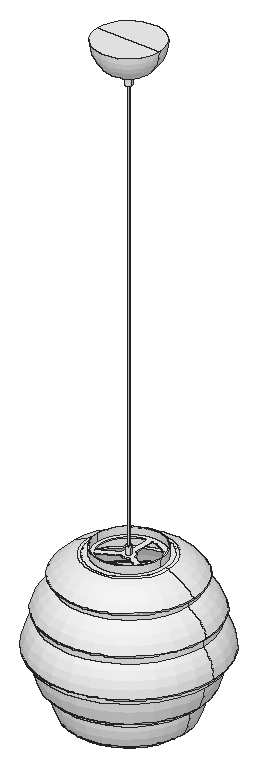
Revit family "Artek_Lighting_Pendant Light A331 “Beehive“_A331 Beehive_quick_ship", category Lighting Fixtures, Revit 2018 (continued)
Definition of nested family "A331"
  Automatic sketch dimensions
    plane 1 "Center (Front/Back)" to curve 195 = 6 mm
    curve 191 to curve 154 = 35.072 mm
    plane 1 "Center (Front/Back)" to curve 168 = 59.711 mm
    curve 156 to curve 157 = 59.45 mm
    plane 1 "Center (Front/Back)" to curve 186 = 60.513 mm
    plane 4 to curve 165 = 1.9 mm
    curve 165 to curve 163 = 58.4 mm
    curve 166 to curve 165 = 9.163 mm
    curve 181 to curve 186 = 16.367 mm
    curve 174 to curve 168 = 19.326 mm
    curve 194 to curve 191 = 60.054 mm
    curve 180 to curve 181 = 26.451 mm
    curve 192 to curve 192 = 17.361 mm
    curve 201 to curve 167 = 43.337 mm
    curve 170 to curve 172 = 1.011 mm
    plane 4 to curve 173 = 66.186 mm
    curve 173 to curve 171 = 0.524 mm
    curve 207 to curve 191 = 7.901 mm
    curve 170 to curve 170 = 8.966 mm
    curve 169 to curve 169 = 0.07 mm
    curve 188 to curve 190 = 5.151 mm
    curve 188 to curve 188 = 9.77 mm
    curve 187 to curve 187 = 0.113 mm
    curve 178 to curve 180 = 40.352 mm
    curve 179 to curve 178 = 0.723 mm  (x2)
    curve 202 to curve 178 = 0.807 mm
    curve 205 to curve 187 = 13.706 mm
    curve 176 to curve 176 = 4.712 mm
    curve 175 to curve 175 = 0.282 mm
    curve 183 to curve 205 = 5.875 mm
    curve 183 to curve 183 = 8.351 mm
    curve 182 to curve 183 = 0.082 mm
    curve 103 to curve 104 = 0.55 mm
    curve 108 to plane 1 "Center (Front/Back)" = 2 mm
    curve 107 to curve 109 = 1.6 mm
    curve 108 to curve 145 = 0.5 mm
    curve 142 to curve 105 = 6 mm
    curve 138 to plane 1 "Center (Front/Back)" = 35.072 mm
    curve 115 to plane 1 "Center (Front/Back)" = 59.711 mm
    curve 152 to curve 133 = 60.513 mm
    curve 110 to curve 111 = 58.4 mm
    curve 112 to curve 114 = 9.163 mm
    curve 133 to curve 128 = 16.367 mm
    curve 115 to curve 121 = 19.326 mm
    curve 138 to curve 141 = 60.054 mm
    curve 128 to curve 127 = 26.451 mm
    curve 139 to curve 139 = 17.361 mm
    curve 114 to curve 119 = 43.337 mm
    curve 119 to curve 147 = 1.011 mm
    plane 4 to curve 120 = 66.186 mm
    curve 118 to curve 120 = 0.524 mm
    curve 117 to curve 117 = 8.966 mm
    curve 116 to curve 116 = 0.07 mm
    curve 137 to curve 136 = 5.151 mm
    curve 135 to curve 135 = 9.77 mm
    curve 134 to curve 134 = 0.113 mm
    curve 127 to curve 150 = 40.352 mm
    curve 125 to curve 126 = 0.723 mm
    curve 127 to curve 125 = 0.085 mm
    curve 134 to curve 152 = 13.706 mm
    curve 123 to curve 123 = 4.712 mm
    curve 122 to curve 122 = 0.282 mm
    curve 132 to curve 130 = 5.875 mm
    curve 130 to curve 130 = 8.351 mm
    curve 129 to curve 129 = 0.082 mm
    level to curve 140 = 14.043 mm
    curve 154 to curve 153 = 14.03 mm
    curve 134 to curve 134 = 3.355 mm
    curve 187 to curve 187 = 3.355 mm
    curve 134 to curve 152 = 40.716 mm
    curve 133 to curve 128 = 10.388 mm
    curve 186 to curve 181 = 10.388 mm
    curve 184 to curve 204 = 13.964 mm
    curve 129 to curve 129 = 1.46 mm
    curve 183 to curve 182 = 1.46 mm
    curve 181 to curve 180 = 14.315 mm
    curve 128 to curve 127 = 14.315 mm
    curve 180 to curve 174 = 35.963 mm
    curve 127 to curve 121 = 35.963 mm
    curve 183 to curve 179 = 51.814 mm
    curve 130 to curve 126 = 51.814 mm
    curve 150 to curve 149 = 14.092 mm
    curve 175 to curve 175 = 1.371 mm
    curve 122 to curve 122 = 1.371 mm
    curve 121 to curve 115 = 39.253 mm
    curve 174 to curve 168 = 39.253 mm
    curve 121 to curve 118 = 0.886 mm
    curve 118 to curve 117 = 14.166 mm
    curve 116 to curve 116 = 0.869 mm
    curve 169 to curve 169 = 0.869 mm
    curve 114 to curve 111 = 41.033 mm
    curve 167 to curve 164 = 41.033 mm
    curve 146 to curve 111 = 13.083 mm
    curve 199 to curve 164 = 13.083 mm
    plane 4 to curve 162 = 0.617 mm
    plane 4 to curve 109 = 0.617 mm
    curve 195 to plane 5 = 18 mm
    plane 1 "Center (Front/Back)" to curve 199 = 0.073 mm
    plane 1 "Center (Front/Back)" to curve 790 = 2.006 mm
    plane 1 "Center (Front/Back)" to curve 582 = 2.006 mm
    plane 1 "Center (Front/Back)" to curve 647 = 2.006 mm
    plane 1 "Center (Front/Back)" to curve 882 = 2.006 mm
    level to curve 844 = 1.084 mm
    plane 1 "Center (Front/Back)" to curve 844 = 2.006 mm
    plane 1 "Center (Front/Back)" to curve 721 = 2.006 mm
    curve 648 to curve 647 = 4.011 mm
    curve 583 to curve 582 = 4.011 mm
    curve 722 to curve 721 = 4.011 mm
    curve 883 to curve 882 = 4.011 mm
    curve 845 to curve 844 = 4.011 mm
    curve 791 to curve 790 = 4.011 mm
    curve 884 to curve 883 = 4.011 mm
    curve 584 to curve 583 = 4.011 mm
    curve 649 to curve 648 = 4.011 mm
    level to curve 846 = 1.084 mm
    curve 846 to curve 845 = 4.011 mm
    curve 792 to curve 791 = 4.011 mm
    curve 723 to curve 722 = 4.011 mm
    curve 724 to curve 723 = 4.011 mm
    curve 847 to curve 846 = 4.011 mm
    curve 650 to curve 649 = 4.011 mm
    curve 885 to curve 884 = 4.011 mm
    curve 793 to curve 792 = 4.011 mm
    curve 585 to curve 584 = 4.011 mm
    curve 886 to curve 885 = 4.011 mm
    curve 586 to curve 585 = 4.011 mm
    curve 725 to curve 724 = 4.011 mm
    level to curve 848 = 1.084 mm
    curve 848 to curve 847 = 4.011 mm
    curve 651 to curve 650 = 4.011 mm
    curve 794 to curve 793 = 4.011 mm
    curve 652 to curve 651 = 4.011 mm
    curve 587 to curve 586 = 4.011 mm
    level to curve 849 = 1.084 mm
    curve 849 to curve 848 = 4.011 mm
    curve 726 to curve 725 = 4.011 mm
    curve 795 to curve 794 = 4.011 mm
    curve 887 to curve 886 = 4.011 mm
    curve 888 to curve 887 = 4.011 mm
    curve 727 to curve 726 = 4.011 mm
    curve 588 to curve 587 = 4.011 mm
    curve 850 to curve 849 = 4.011 mm
    curve 796 to curve 795 = 4.011 mm
    curve 653 to curve 652 = 4.011 mm
    curve 654 to curve 653 = 4.011 mm
    curve 889 to curve 888 = 4.011 mm
    level to curve 851 = 1.084 mm
    curve 851 to curve 850 = 4.011 mm
    curve 728 to curve 727 = 4.011 mm
    curve 589 to curve 588 = 4.011 mm
    curve 797 to curve 796 = 4.011 mm
    curve 798 to curve 797 = 4.011 mm
    curve 590 to curve 589 = 4.011 mm
    curve 729 to curve 728 = 4.011 mm
    curve 852 to curve 851 = 4.011 mm
    curve 890 to curve 889 = 4.011 mm
    curve 655 to curve 654 = 4.011 mm
    curve 730 to curve 729 = 4.011 mm
    curve 656 to curve 655 = 4.011 mm
    curve 853 to curve 852 = 4.011 mm
    curve 591 to curve 590 = 4.011 mm
    curve 799 to curve 191 = 3.037 mm
    curve 891 to curve 890 = 4.011 mm
    curve 592 to curve 591 = 4.011 mm
    curve 854 to curve 853 = 4.011 mm
    curve 731 to curve 730 = 4.011 mm
    curve 892 to curve 891 = 4.011 mm
    curve 800 to curve 799 = 4.011 mm
    curve 657 to curve 656 = 4.011 mm
    curve 658 to curve 657 = 4.011 mm
    curve 855 to curve 854 = 4.011 mm
    curve 732 to curve 731 = 4.011 mm
    curve 593 to curve 592 = 4.011 mm
    curve 801 to curve 800 = 4.011 mm
    curve 893 to curve 892 = 4.011 mm
    curve 659 to curve 658 = 4.011 mm
    curve 802 to curve 801 = 4.011 mm
    curve 733 to curve 732 = 4.011 mm
    curve 594 to curve 593 = 4.011 mm
    curve 894 to curve 893 = 4.011 mm
    level to curve 856 = 1.084 mm
    curve 856 to curve 855 = 4.011 mm
    curve 595 to curve 594 = 4.011 mm
    curve 803 to curve 802 = 4.011 mm
    curve 734 to curve 733 = 4.011 mm
    curve 660 to curve 659 = 4.011 mm
    level to curve 857 = 1.084 mm
    curve 857 to curve 856 = 4.011 mm
    curve 895 to curve 894 = 4.011 mm
    curve 596 to curve 595 = 4.011 mm
    level to curve 858 = 1.084 mm
    curve 858 to curve 857 = 4.011 mm
    curve 661 to curve 660 = 4.011 mm
    curve 804 to curve 803 = 4.011 mm
    curve 735 to curve 734 = 4.011 mm
    curve 896 to curve 895 = 4.011 mm
    curve 805 to curve 804 = 4.011 mm
    level to curve 859 = 1.084 mm
    curve 859 to curve 858 = 4.011 mm
    curve 736 to curve 735 = 4.011 mm
    curve 597 to curve 596 = 4.011 mm
    curve 662 to curve 661 = 4.011 mm
    curve 663 to curve 662 = 4.011 mm
    curve 806 to curve 805 = 4.011 mm
    curve 598 to curve 597 = 4.011 mm
    curve 737 to curve 736 = 4.011 mm
    level to curve 860 = 1.084 mm
    curve 860 to curve 859 = 4.011 mm
    curve 738 to curve 737 = 4.011 mm
    level to curve 861 = 1.084 mm
    curve 861 to curve 860 = 4.011 mm
    curve 807 to curve 806 = 4.011 mm
    curve 664 to curve 663 = 4.011 mm
    curve 599 to curve 598 = 4.011 mm
    level to curve 862 = 1.084 mm
    curve 862 to curve 861 = 4.011 mm
    curve 600 to curve 599 = 4.011 mm
    curve 808 to curve 807 = 4.011 mm
    curve 665 to curve 664 = 4.011 mm
    curve 739 to curve 738 = 4.011 mm
    level to curve 863 = 1.084 mm
    curve 863 to curve 862 = 4.011 mm
    curve 666 to curve 665 = 4.011 mm
    curve 809 to curve 808 = 4.011 mm
    curve 601 to curve 600 = 4.011 mm
    curve 740 to curve 181 = 1.344 mm
    curve 168 to curve 167 = 0 mm
    curve 864 to curve 863 = 4.011 mm
    curve 602 to curve 601 = 4.011 mm
    curve 741 to curve 740 = 4.011 mm
    curve 810 to curve 809 = 4.011 mm
    curve 667 to curve 666 = 4.011 mm
    curve 668 to curve 667 = 4.011 mm
    curve 811 to curve 810 = 4.011 mm
    curve 603 to curve 602 = 4.011 mm
    curve 865 to curve 864 = 4.011 mm
    curve 742 to curve 741 = 4.011 mm
    curve 743 to curve 742 = 4.011 mm
    curve 669 to curve 668 = 4.011 mm
    level to curve 866 = 1.084 mm
    curve 866 to curve 865 = 4.011 mm
    curve 812 to curve 811 = 4.011 mm
    curve 604 to curve 603 = 4.011 mm
    curve 744 to curve 743 = 4.011 mm
    curve 813 to curve 812 = 4.011 mm
    curve 670 to curve 669 = 4.011 mm
    curve 605 to curve 604 = 4.011 mm
    curve 606 to curve 605 = 4.011 mm
    curve 814 to curve 813 = 4.011 mm
    curve 745 to curve 744 = 4.011 mm
    curve 671 to curve 670 = 4.011 mm
    curve 815 to curve 814 = 4.011 mm
    curve 746 to curve 745 = 4.011 mm
    curve 607 to curve 606 = 4.011 mm
    curve 672 to curve 671 = 4.011 mm
    curve 747 to curve 746 = 4.011 mm
    curve 608 to curve 607 = 4.011 mm
    curve 673 to curve 672 = 4.011 mm
    curve 816 to curve 815 = 4.011 mm
    curve 817 to curve 816 = 4.011 mm
    curve 609 to curve 608 = 4.011 mm
    curve 674 to curve 673 = 4.011 mm
    curve 748 to curve 747 = 4.011 mm
    curve 818 to curve 817 = 4.011 mm
    curve 749 to curve 748 = 4.011 mm
    curve 675 to curve 674 = 4.011 mm
    curve 172 to curve 610 = 0.673 mm
    curve 190 to curve 819 = 2.048 mm
    curve 750 to curve 749 = 4.011 mm
    curve 676 to curve 675 = 4.011 mm
    curve 677 to curve 676 = 4.011 mm
    curve 820 to curve 190 = 1.964 mm
    curve 751 to curve 750 = 4.011 mm
    curve 678 to curve 677 = 4.011 mm
    curve 752 to curve 751 = 4.011 mm
    curve 753 to curve 752 = 4.011 mm
    curve 679 to curve 678 = 4.011 mm
    curve 754 to curve 753 = 4.011 mm
    curve 680 to curve 679 = 4.011 mm
    curve 681 to curve 680 = 4.011 mm
    curve 755 to curve 754 = 4.011 mm
    curve 756 to curve 755 = 4.011 mm
    curve 178 to curve 682 = 1.275 mm
    curve 186 to curve 757 = 2.708 mm
    curve 758 to curve 205 = 1.303 mm
    curve 181 to curve 180 = 0 mm
    curve 146 to plane 1 "Center (Front/Back)" = 0.073 mm
    curve 683 to plane 1 "Center (Front/Back)" = 2.006 mm
    curve 611 to plane 1 "Center (Front/Back)" = 2.006 mm
    curve 759 to plane 1 "Center (Front/Back)" = 2.006 mm
    curve 867 to plane 1 "Center (Front/Back)" = 2.006 mm
    curve 523 to plane 1 "Center (Front/Back)" = 2.006 mm
    curve 821 to plane 1 "Center (Front/Back)" = 2.006 mm
    curve 611 to curve 612 = 4.011 mm
    curve 867 to curve 868 = 4.011 mm
    curve 523 to curve 554 = 4.011 mm
    curve 759 to curve 760 = 4.011 mm
    curve 821 to curve 822 = 4.011 mm
    curve 683 to curve 684 = 4.011 mm
    curve 760 to curve 761 = 4.011 mm
    curve 612 to curve 613 = 4.011 mm
    curve 554 to curve 555 = 4.011 mm
    curve 822 to curve 823 = 4.011 mm
    curve 868 to curve 869 = 4.011 mm
    curve 684 to curve 685 = 4.011 mm
    curve 761 to curve 762 = 4.011 mm
    curve 685 to curve 686 = 4.011 mm
    curve 869 to curve 870 = 4.011 mm
    curve 613 to curve 614 = 4.011 mm
    curve 555 to curve 556 = 4.011 mm
    curve 823 to curve 824 = 4.011 mm
    curve 762 to curve 763 = 4.011 mm
    curve 614 to curve 615 = 4.011 mm
    curve 870 to curve 871 = 4.011 mm
    curve 686 to curve 687 = 4.011 mm
    curve 824 to curve 825 = 4.011 mm
    curve 556 to curve 557 = 4.011 mm
    curve 687 to curve 688 = 4.011 mm
    level to curve 826 = 1.084 mm
    curve 825 to curve 826 = 4.011 mm
    curve 557 to curve 558 = 4.011 mm
    curve 763 to curve 764 = 4.011 mm
    curve 615 to curve 616 = 4.011 mm
    curve 871 to curve 872 = 4.011 mm
    curve 616 to curve 617 = 4.011 mm
    curve 826 to curve 827 = 4.011 mm
    curve 688 to curve 689 = 4.011 mm
    curve 764 to curve 765 = 4.011 mm
    curve 872 to curve 873 = 4.011 mm
    curve 558 to curve 559 = 4.011 mm
    curve 559 to curve 560 = 4.011 mm
    curve 827 to curve 828 = 4.011 mm
    curve 617 to curve 618 = 4.011 mm
    curve 873 to curve 874 = 4.011 mm
    curve 689 to curve 690 = 4.011 mm
    curve 765 to curve 766 = 4.011 mm
    curve 874 to curve 875 = 4.011 mm
    curve 828 to curve 829 = 4.011 mm
    curve 560 to curve 561 = 4.011 mm
    curve 766 to curve 767 = 4.011 mm
    curve 618 to curve 619 = 4.011 mm
    curve 690 to curve 691 = 4.011 mm
    curve 829 to curve 830 = 4.011 mm
    curve 691 to curve 692 = 4.011 mm
    curve 138 to curve 768 = 3.037 mm
    curve 619 to curve 620 = 4.011 mm
    curve 875 to curve 876 = 4.011 mm
    curve 561 to curve 562 = 4.011 mm
    curve 876 to curve 877 = 4.011 mm
    curve 692 to curve 693 = 4.011 mm
    curve 562 to curve 563 = 4.011 mm
    curve 768 to curve 769 = 4.011 mm
    curve 830 to curve 831 = 4.011 mm
    curve 620 to curve 621 = 4.011 mm
    curve 621 to curve 622 = 4.011 mm
    curve 877 to curve 878 = 4.011 mm
    curve 563 to curve 564 = 4.011 mm
    curve 693 to curve 694 = 4.011 mm
    curve 769 to curve 770 = 4.011 mm
    curve 831 to curve 832 = 4.011 mm
    curve 622 to curve 623 = 4.011 mm
    curve 878 to curve 879 = 4.011 mm
    curve 564 to curve 565 = 4.011 mm
    curve 832 to curve 833 = 4.011 mm
    curve 770 to curve 771 = 4.011 mm
    curve 694 to curve 695 = 4.011 mm
    curve 833 to curve 834 = 4.011 mm
    curve 623 to curve 624 = 4.011 mm
    curve 565 to curve 566 = 4.011 mm
    curve 771 to curve 772 = 4.011 mm
    curve 695 to curve 696 = 4.011 mm
    curve 879 to curve 880 = 4.011 mm
    curve 880 to curve 881 = 4.011 mm
    curve 696 to curve 697 = 4.011 mm
    curve 772 to curve 773 = 4.011 mm
    curve 566 to curve 567 = 4.011 mm
    curve 624 to curve 625 = 4.011 mm
    curve 834 to curve 835 = 4.011 mm
    curve 625 to curve 626 = 4.011 mm
    curve 697 to curve 698 = 4.011 mm
    curve 567 to curve 568 = 4.011 mm
    curve 773 to curve 774 = 4.011 mm
    curve 835 to curve 836 = 4.011 mm
    curve 774 to curve 775 = 4.011 mm
    curve 698 to curve 699 = 4.011 mm
    curve 568 to curve 569 = 4.011 mm
    curve 626 to curve 627 = 4.011 mm
    curve 836 to curve 837 = 4.011 mm
    curve 775 to curve 776 = 4.011 mm
    curve 627 to curve 628 = 4.011 mm
    curve 699 to curve 700 = 4.011 mm
    level to curve 838 = 1.084 mm
    curve 837 to curve 838 = 4.011 mm
    curve 569 to curve 570 = 4.011 mm
    curve 776 to curve 777 = 4.011 mm
    curve 628 to curve 629 = 4.011 mm
    curve 838 to curve 839 = 4.011 mm
    curve 570 to curve 571 = 4.011 mm
    curve 700 to curve 701 = 4.011 mm
    level to curve 840 = 1.084 mm
    curve 839 to curve 840 = 4.011 mm
    curve 571 to curve 572 = 4.011 mm
    curve 128 to curve 702 = 1.344 mm
    curve 629 to curve 630 = 4.011 mm
    curve 777 to curve 778 = 4.011 mm
    curve 115 to curve 114 = 0 mm
    curve 630 to curve 631 = 4.011 mm
    curve 778 to curve 779 = 4.011 mm
    level to curve 841 = 1.084 mm
    curve 840 to curve 841 = 4.011 mm
    curve 702 to curve 703 = 4.011 mm
    curve 572 to curve 573 = 4.011 mm
    curve 573 to curve 574 = 4.011 mm
    curve 631 to curve 632 = 4.011 mm
    curve 703 to curve 704 = 4.011 mm
    curve 779 to curve 780 = 4.011 mm
    level to curve 842 = 1.084 mm
    curve 841 to curve 842 = 4.011 mm
    level to curve 843 = 1.084 mm
    curve 842 to curve 843 = 4.011 mm
    curve 704 to curve 705 = 4.011 mm
    curve 780 to curve 781 = 4.011 mm
    curve 632 to curve 633 = 4.011 mm
    curve 574 to curve 575 = 4.011 mm
    curve 575 to curve 576 = 4.011 mm
    curve 633 to curve 634 = 4.011 mm
    curve 781 to curve 782 = 4.011 mm
    curve 705 to curve 706 = 4.011 mm
    curve 782 to curve 783 = 4.011 mm
    curve 576 to curve 577 = 4.011 mm
    curve 634 to curve 635 = 4.011 mm
    curve 706 to curve 707 = 4.011 mm
    curve 707 to curve 708 = 4.011 mm
    curve 577 to curve 578 = 4.011 mm
    curve 783 to curve 784 = 4.011 mm
    curve 635 to curve 636 = 4.011 mm
    curve 636 to curve 637 = 4.011 mm
    curve 784 to curve 785 = 4.011 mm
    curve 708 to curve 709 = 4.011 mm
    curve 578 to curve 579 = 4.011 mm
    curve 709 to curve 710 = 4.011 mm
    curve 637 to curve 638 = 4.011 mm
    curve 785 to curve 786 = 4.011 mm
    curve 579 to curve 580 = 4.011 mm
    curve 638 to curve 639 = 4.011 mm
    curve 710 to curve 711 = 4.011 mm
    curve 786 to curve 787 = 4.011 mm
    curve 580 to curve 581 = 4.011 mm
    curve 711 to curve 712 = 4.011 mm
    curve 788 to curve 137 = 2.048 mm
    curve 639 to curve 640 = 4.011 mm
    curve 640 to curve 641 = 4.011 mm
    curve 712 to curve 713 = 4.011 mm
    curve 137 to curve 789 = 1.964 mm
    curve 641 to curve 642 = 4.011 mm
    curve 713 to curve 714 = 4.011 mm
    curve 642 to curve 643 = 4.011 mm
    curve 714 to curve 715 = 4.011 mm
    curve 715 to curve 716 = 4.011 mm
    curve 643 to curve 644 = 4.011 mm
    curve 716 to curve 717 = 4.011 mm
    curve 644 to curve 645 = 4.011 mm
    curve 646 to curve 125 = 1.275 mm
    curve 717 to curve 718 = 4.011 mm
    curve 718 to curve 719 = 4.011 mm
    curve 132 to curve 720 = 1.303 mm
    curve 128 to curve 127 = 0 mm
    level to curve 850 = 1.084 mm
    level to curve 829 = 1.084 mm
    level to curve 828 = 1.084 mm
    level to curve 847 = 1.084 mm
    level to curve 825 = 1.084 mm
    level to curve 824 = 1.084 mm
    level to curve 845 = 1.084 mm
    level to curve 823 = 1.084 mm
    level to curve 822 = 1.084 mm
    level to curve 821 = 1.084 mm
    level to curve 852 = 1.084 mm
    level to curve 864 = 1.084 mm
    level to curve 839 = 1.084 mm
    level to curve 837 = 1.084 mm
    level to curve 836 = 1.084 mm
    level to curve 835 = 1.084 mm
    level to curve 834 = 1.084 mm
    level to curve 827 = 1.084 mm
    level to curve 833 = 1.084 mm
    level to curve 854 = 1.084 mm
    level to curve 832 = 1.084 mm
    level to curve 855 = 1.084 mm
    level to curve 831 = 1.084 mm
    level to curve 830 = 1.084 mm
    level to curve 865 = 1.084 mm
    level to curve 853 = 1.084 mm
    curve 857 to curve 857 = 5.99 mm
    curve 831 to curve 831 = 5.99 mm
    curve 857 to curve 856 = 0 mm
    curve 831 to curve 832 = 0 mm
    curve 856 to curve 855 = 0 mm
    curve 832 to curve 833 = 0 mm
    curve 855 to curve 854 = 0 mm
    curve 858 to curve 857 = 0 mm
    curve 833 to curve 834 = 0 mm
    curve 859 to curve 858 = 0 mm
    curve 834 to curve 835 = 0 mm
    curve 860 to curve 859 = 0 mm
    curve 835 to curve 836 = 0 mm
    curve 861 to curve 860 = 0 mm
    curve 836 to curve 837 = 0 mm
    curve 862 to curve 861 = 0 mm
    curve 837 to curve 838 = 0 mm
    curve 863 to curve 862 = 0 mm
    curve 838 to curve 839 = 0 mm
    curve 864 to curve 863 = 0 mm
    curve 839 to curve 840 = 0 mm
    curve 865 to curve 864 = 0 mm
    curve 840 to curve 841 = 0 mm
    curve 866 to curve 865 = 0 mm
    curve 841 to curve 842 = 0 mm
    curve 821 to curve 821 = 5.99 mm
    curve 842 to curve 843 = 0 mm
    curve 821 to curve 822 = 0 mm
    curve 844 to curve 821 = 0 mm
    curve 822 to curve 823 = 0 mm
    curve 845 to curve 844 = 0 mm
    curve 823 to curve 824 = 0 mm
    curve 846 to curve 845 = 0 mm
    curve 824 to curve 825 = 0 mm
    curve 847 to curve 846 = 0 mm
    curve 848 to curve 847 = 0 mm
    curve 849 to curve 848 = 0 mm
    curve 850 to curve 849 = 0 mm
    curve 851 to curve 850 = 0 mm
    curve 829 to curve 829 = 5.99 mm
    curve 852 to curve 851 = 0 mm
    curve 828 to curve 829 = 0 mm
    curve 853 to curve 852 = 0 mm
    curve 827 to curve 828 = 0 mm
    curve 829 to curve 830 = 0 mm
    curve 826 to curve 827 = 0 mm
    curve 137 to curve 783 = 1.184 mm
    curve 782 to curve 783 = 0 mm  (x2)
    curve 781 to curve 782 = 0 mm  (x2)
    curve 780 to curve 781 = 0 mm  (x2)
    curve 779 to curve 780 = 0 mm  (x2)
    curve 778 to curve 779 = 0 mm  (x2)
    curve 777 to curve 778 = 0 mm  (x2)
    curve 776 to curve 777 = 0 mm  (x2)
    curve 775 to curve 776 = 0 mm  (x2)
    curve 774 to curve 775 = 0 mm  (x2)
    curve 773 to curve 774 = 0 mm  (x2)
    curve 772 to curve 773 = 0 mm  (x2)
    curve 771 to curve 772 = 0 mm  (x2)
    curve 770 to curve 771 = 0 mm  (x2)
    curve 190 to curve 820 = 1.184 mm
    curve 191 to curve 797 = 1.184 mm
    curve 190 to curve 819 = 1.184 mm
    curve 191 to curve 798 = 1.184 mm
    curve 783 to curve 784 = 0 mm  (x2)
    curve 191 to curve 799 = 1.184 mm
    curve 819 to curve 817 = 0 mm
    curve 800 to curve 799 = 0 mm  (x2)
    curve 817 to curve 816 = 0 mm  (x2)
    curve 801 to curve 800 = 0 mm  (x2)
    curve 816 to curve 815 = 0 mm  (x2)
    curve 802 to curve 801 = 0 mm  (x2)
    curve 815 to curve 814 = 0 mm  (x2)
    curve 784 to curve 785 = 0 mm  (x2)
    curve 814 to curve 813 = 0 mm  (x2)
    curve 785 to curve 786 = 0 mm  (x2)
    curve 813 to curve 812 = 0 mm  (x2)
    curve 786 to curve 787 = 0 mm  (x2)
    curve 812 to curve 811 = 0 mm  (x2)
    curve 137 to curve 788 = 1.184 mm
    curve 803 to curve 802 = 0 mm  (x2)
    curve 811 to curve 810 = 0 mm  (x2)
    curve 804 to curve 803 = 0 mm  (x2)
    curve 810 to curve 809 = 0 mm  (x2)
    curve 805 to curve 804 = 0 mm  (x2)
    curve 809 to curve 808 = 0 mm  (x2)
    curve 806 to curve 805 = 0 mm  (x2)
    curve 807 to curve 806 = 0 mm  (x2)
    curve 769 to curve 770 = 0 mm  (x2)
    curve 138 to curve 768 = 1.184 mm
    curve 138 to curve 767 = 1.184 mm
    curve 766 to curve 767 = 0 mm  (x2)
    curve 765 to curve 766 = 0 mm  (x2)
    curve 764 to curve 765 = 0 mm  (x2)
    curve 763 to curve 764 = 0 mm  (x2)
    curve 762 to curve 763 = 0 mm  (x2)
    curve 761 to curve 762 = 0 mm  (x2)
    curve 760 to curve 761 = 0 mm  (x2)
    curve 154 to curve 759 = 1.184 mm
    curve 797 to curve 796 = 0 mm
    curve 796 to curve 795 = 0 mm  (x2)
    curve 795 to curve 794 = 0 mm  (x2)
    curve 794 to curve 793 = 0 mm  (x2)
    curve 793 to curve 792 = 0 mm
    curve 792 to curve 791 = 0 mm  (x2)
    curve 154 to curve 790 = 1.184 mm
    curve 137 to curve 789 = 1.184 mm
    curve 818 to curve 817 = 0 mm  (x2)
    curve 793 to curve 793 = 5.99 mm
    curve 760 to curve 760 = 5.99 mm
    curve 767 to curve 768 = 0 mm
    curve 768 to curve 769 = 0 mm
    curve 807 to curve 807 = 5.99 mm
    curve 808 to curve 807 = 0 mm
    curve 787 to curve 788 = 0 mm
    curve 788 to curve 789 = 0 mm
    curve 790 to curve 790 = 5.99 mm
    curve 791 to curve 790 = 0 mm
    curve 790 to curve 759 = 0 mm
    curve 819 to curve 818 = 0 mm
    curve 799 to curve 798 = 0 mm
    curve 820 to curve 819 = 0 mm
    curve 798 to curve 797 = 0 mm
    curve 133 to curve 696 = 1.043 mm
    curve 133 to curve 698 = 1.043 mm
    curve 695 to curve 696 = 0 mm  (x2)
    curve 698 to curve 699 = 0 mm  (x2)
    curve 694 to curve 695 = 0 mm  (x2)
    curve 699 to curve 700 = 0 mm  (x2)
    curve 693 to curve 694 = 0 mm  (x2)
    curve 700 to curve 701 = 0 mm  (x2)
    curve 710 to curve 127 = 23.661 mm
    curve 701 to curve 702 = 0 mm  (x2)
    curve 710 to curve 711 = 0 mm  (x2)
    curve 702 to curve 703 = 0 mm
    curve 711 to curve 712 = 0 mm  (x2)
    curve 703 to curve 704 = 0 mm  (x2)
    curve 712 to curve 713 = 0 mm  (x2)
    curve 704 to curve 705 = 0 mm  (x2)
    curve 713 to curve 714 = 0 mm  (x2)
    curve 705 to curve 706 = 0 mm  (x2)
    curve 714 to curve 715 = 0 mm  (x2)
    curve 706 to curve 707 = 0 mm  (x2)
    curve 715 to curve 716 = 0 mm  (x2)
    curve 692 to curve 693 = 0 mm  (x2)
    curve 716 to curve 717 = 0 mm  (x2)
    curve 691 to curve 692 = 0 mm  (x2)
    curve 717 to curve 718 = 0 mm  (x2)
    curve 690 to curve 691 = 0 mm  (x2)
    curve 132 to curve 719 = 1.043 mm
    curve 689 to curve 690 = 0 mm  (x2)
    curve 132 to curve 720 = 1.043 mm
    curve 709 to curve 710 = 0 mm
    curve 152 to curve 721 = 1.043 mm
    curve 688 to curve 689 = 0 mm  (x2)
    curve 722 to curve 721 = 0 mm  (x2)
    curve 152 to curve 683 = 1.043 mm
    curve 723 to curve 722 = 0 mm  (x2)
    curve 687 to curve 688 = 0 mm  (x2)
    curve 724 to curve 723 = 0 mm  (x2)
    curve 683 to curve 684 = 0 mm
    curve 725 to curve 724 = 0 mm  (x2)
    curve 686 to curve 687 = 0 mm  (x2)
    curve 726 to curve 725 = 0 mm
    curve 684 to curve 685 = 0 mm  (x2)
    curve 727 to curve 726 = 0 mm  (x2)
    curve 133 to curve 697 = 1.043 mm
    curve 205 to curve 758 = 1.043 mm
    curve 728 to curve 727 = 0 mm  (x2)
    curve 186 to curve 757 = 1.043 mm
    curve 729 to curve 728 = 0 mm  (x2)
    curve 757 to curve 756 = 0 mm  (x2)
    curve 730 to curve 729 = 0 mm  (x2)
    curve 756 to curve 755 = 0 mm  (x2)
    curve 731 to curve 730 = 0 mm  (x2)
    curve 755 to curve 754 = 0 mm  (x2)
    curve 732 to curve 731 = 0 mm  (x2)
    curve 754 to curve 753 = 0 mm  (x2)
    curve 733 to curve 732 = 0 mm  (x2)
    curve 753 to curve 752 = 0 mm  (x2)
    curve 734 to curve 733 = 0 mm  (x2)
    curve 752 to curve 751 = 0 mm  (x2)
    curve 186 to curve 735 = 1.043 mm
    curve 751 to curve 750 = 0 mm  (x2)
    curve 186 to curve 736 = 1.043 mm
    curve 750 to curve 749 = 0 mm  (x2)
    curve 737 to curve 736 = 0 mm  (x2)
    curve 749 to curve 748 = 0 mm  (x2)
    curve 738 to curve 737 = 0 mm  (x2)
    curve 748 to curve 747 = 0 mm  (x2)
    curve 739 to curve 738 = 0 mm  (x2)
    curve 747 to curve 746 = 0 mm  (x2)
    curve 740 to curve 739 = 0 mm  (x2)
    curve 746 to curve 745 = 0 mm  (x2)
    curve 707 to curve 708 = 0 mm  (x2)
    curve 745 to curve 744 = 0 mm  (x2)
    curve 741 to curve 740 = 0 mm
    curve 742 to curve 741 = 0 mm  (x2)
    curve 743 to curve 742 = 0 mm  (x2)
    curve 708 to curve 708 = 5.99 mm
    curve 719 to curve 719 = 5.99 mm
    curve 743 to curve 743 = 5.99 mm
    curve 744 to curve 743 = 0 mm
    curve 717 to curve 717 = 5.99 mm
    curve 719 to curve 720 = 0 mm
    curve 740 to curve 181 = 3.356 mm
    curve 721 to curve 721 = 5.99 mm
    curve 702 to curve 128 = 3.356 mm
    curve 736 to curve 735 = 0 mm
    curve 735 to curve 734 = 0 mm
    curve 697 to curve 698 = 0 mm
    curve 696 to curve 697 = 0 mm
    curve 758 to curve 757 = 0 mm
    curve 685 to curve 686 = 0 mm
    curve 708 to curve 709 = 0 mm
    curve 721 to curve 683 = 0 mm
    curve 150 to curve 655 = 1.093 mm
    curve 174 to curve 673 = 6.927 mm
    curve 673 to curve 672 = 0 mm  (x2)
    curve 674 to curve 673 = 0 mm  (x2)
    curve 655 to curve 654 = 0 mm  (x2)
    curve 675 to curve 674 = 0 mm  (x2)
    curve 654 to curve 653 = 0 mm  (x2)
    curve 676 to curve 675 = 0 mm  (x2)
    curve 656 to curve 655 = 0 mm  (x2)
    curve 677 to curve 676 = 0 mm  (x2)
    curve 653 to curve 652 = 0 mm  (x2)
    curve 678 to curve 677 = 0 mm  (x2)
    curve 652 to curve 651 = 0 mm  (x2)
    curve 679 to curve 678 = 0 mm  (x2)
    curve 672 to curve 671 = 0 mm  (x2)
    curve 680 to curve 679 = 0 mm  (x2)
    curve 657 to curve 656 = 0 mm  (x2)
    curve 681 to curve 680 = 0 mm  (x2)
    curve 651 to curve 650 = 0 mm  (x2)
    curve 178 to curve 682 = 1.093 mm
    curve 650 to curve 649 = 0 mm  (x2)
    curve 671 to curve 670 = 0 mm  (x2)
    curve 658 to curve 657 = 0 mm  (x2)
    curve 649 to curve 648 = 0 mm  (x2)
    curve 150 to curve 647 = 1.093 mm
    curve 670 to curve 669 = 0 mm  (x2)
    curve 125 to curve 646 = 1.093 mm
    curve 645 to curve 646 = 0 mm  (x2)
    curve 669 to curve 668 = 0 mm  (x2)
    curve 644 to curve 645 = 0 mm  (x2)
    curve 643 to curve 644 = 0 mm  (x2)
    curve 659 to curve 658 = 0 mm  (x2)
    curve 642 to curve 643 = 0 mm  (x2)
    curve 668 to curve 667 = 0 mm  (x2)
    curve 641 to curve 642 = 0 mm  (x2)
    curve 150 to curve 612 = 1.093 mm
    curve 640 to curve 641 = 0 mm  (x2)
    curve 667 to curve 666 = 0 mm  (x2)
    curve 639 to curve 640 = 0 mm  (x2)
    curve 661 to curve 659 = 0 mm
    curve 638 to curve 639 = 0 mm  (x2)
    curve 666 to curve 665 = 0 mm  (x2)
    curve 637 to curve 638 = 0 mm  (x2)
    curve 662 to curve 661 = 0 mm  (x2)
    curve 636 to curve 637 = 0 mm  (x2)
    curve 665 to curve 664 = 0 mm  (x2)
    curve 635 to curve 636 = 0 mm  (x2)
    curve 634 to curve 635 = 0 mm  (x2)
    curve 633 to curve 634 = 0 mm  (x2)
    curve 663 to curve 662 = 0 mm  (x2)
    curve 632 to curve 633 = 0 mm  (x2)
    curve 631 to curve 632 = 0 mm  (x2)
    curve 630 to curve 631 = 0 mm  (x2)
    curve 629 to curve 630 = 0 mm  (x2)
    curve 628 to curve 629 = 0 mm  (x2)
    curve 627 to curve 628 = 0 mm  (x2)
    curve 626 to curve 627 = 0 mm  (x2)
    curve 625 to curve 626 = 0 mm  (x2)
    curve 624 to curve 625 = 0 mm  (x2)
    curve 623 to curve 624 = 0 mm  (x2)
    curve 622 to curve 623 = 0 mm  (x2)
    curve 621 to curve 622 = 0 mm  (x2)
    curve 620 to curve 621 = 0 mm  (x2)
    curve 619 to curve 620 = 0 mm  (x2)
    curve 617 to curve 619 = 0 mm
    curve 150 to curve 611 = 1.093 mm
    curve 616 to curve 617 = 0 mm  (x2)
    curve 615 to curve 616 = 0 mm  (x2)
    curve 614 to curve 615 = 0 mm  (x2)
    curve 612 to curve 613 = 0 mm  (x2)
    curve 661 to curve 660 = 0 mm  (x2)
    curve 617 to curve 618 = 0 mm  (x2)
    curve 682 to curve 682 = 5.99 mm
    curve 682 to curve 681 = 0 mm
    curve 664 to curve 663 = 0 mm
    curve 660 to curve 659 = 0 mm
    curve 648 to curve 647 = 0 mm
    curve 646 to curve 646 = 5.99 mm
    curve 618 to curve 619 = 0 mm
    curve 613 to curve 614 = 0 mm
    curve 647 to curve 611 = 0 mm
    curve 168 to curve 592 = 27.674 mm
    curve 602 to curve 167 = 21.274 mm
    curve 592 to curve 591 = 0 mm  (x2)
    curve 603 to curve 602 = 0 mm  (x2)
    curve 591 to curve 590 = 0 mm  (x2)
    curve 604 to curve 603 = 0 mm  (x2)
    curve 590 to curve 589 = 0 mm  (x2)
    curve 593 to curve 592 = 0 mm  (x2)
    curve 589 to curve 588 = 0 mm  (x2)
    curve 606 to curve 604 = 0 mm
    curve 588 to curve 587 = 0 mm  (x2)
    curve 607 to curve 606 = 0 mm  (x2)
    curve 587 to curve 586 = 0 mm  (x2)
    curve 594 to curve 593 = 0 mm  (x2)
    curve 586 to curve 585 = 0 mm  (x2)
    curve 608 to curve 607 = 0 mm  (x2)
    curve 585 to curve 584 = 0 mm  (x2)
    curve 595 to curve 594 = 0 mm  (x2)
    curve 584 to curve 583 = 0 mm  (x2)
    curve 596 to curve 595 = 0 mm  (x2)
    curve 148 to curve 582 = 1.093 mm
    curve 597 to curve 596 = 0 mm  (x2)
    curve 119 to curve 581 = 1.093 mm
    curve 598 to curve 597 = 0 mm  (x2)
    curve 580 to curve 581 = 0 mm  (x2)
    curve 599 to curve 598 = 0 mm  (x2)
    curve 579 to curve 580 = 0 mm  (x2)
    curve 602 to curve 601 = 0 mm  (x2)
    curve 578 to curve 579 = 0 mm  (x2)
    curve 605 to curve 604 = 0 mm  (x2)
    curve 577 to curve 578 = 0 mm  (x2)
    curve 609 to curve 608 = 0 mm  (x2)
    curve 576 to curve 577 = 0 mm  (x2)
    curve 148 to curve 523 = 1.093 mm
    curve 575 to curve 576 = 0 mm  (x2)
    curve 523 to curve 554 = 0 mm  (x2)
    curve 574 to curve 575 = 0 mm
    curve 601 to curve 600 = 0 mm  (x2)
    curve 573 to curve 574 = 0 mm  (x2)
    curve 172 to curve 610 = 1.093 mm
    curve 572 to curve 573 = 0 mm  (x2)
    curve 554 to curve 555 = 0 mm  (x2)
    curve 571 to curve 572 = 0 mm  (x2)
    curve 555 to curve 556 = 0 mm  (x2)
    curve 570 to curve 571 = 0 mm  (x2)
    curve 556 to curve 557 = 0 mm  (x2)
    curve 569 to curve 570 = 0 mm  (x2)
    curve 557 to curve 558 = 0 mm  (x2)
    curve 568 to curve 569 = 0 mm  (x2)
    curve 558 to curve 559 = 0 mm  (x2)
    curve 567 to curve 568 = 0 mm  (x2)
    curve 559 to curve 560 = 0 mm  (x2)
    curve 566 to curve 567 = 0 mm  (x2)
    curve 560 to curve 561 = 0 mm  (x2)
    curve 565 to curve 566 = 0 mm  (x2)
    curve 561 to curve 562 = 0 mm  (x2)
    curve 564 to curve 565 = 0 mm  (x2)
    curve 562 to curve 563 = 0 mm  (x2)
    curve 564 to curve 564 = 5.99 mm
    curve 563 to curve 564 = 0 mm
    curve 575 to curve 575 = 5.99 mm
    curve 582 to curve 523 = 0 mm
    curve 583 to curve 582 = 0 mm
    curve 600 to curve 599 = 0 mm
    curve 606 to curve 605 = 0 mm
    curve 610 to curve 609 = 0 mm
    curve 146 to curve 868 = 0.62 mm
    curve 868 to curve 869 = 0 mm  (x2)
    curve 869 to curve 870 = 0 mm  (x2)
    curve 165 to curve 896 = 0.62 mm
    plane 4 to curve 876 = 14.363 mm
    curve 875 to curve 876 = 0 mm
    curve 874 to curve 875 = 0 mm  (x2)
    curve 873 to curve 874 = 0 mm  (x2)
    curve 872 to curve 873 = 0 mm  (x2)
    curve 146 to curve 867 = 0.62 mm
    curve 876 to curve 877 = 0 mm  (x2)
    curve 877 to curve 878 = 0 mm  (x2)
    curve 878 to curve 879 = 0 mm
    curve 879 to curve 880 = 0 mm  (x2)
    curve 880 to curve 881 = 0 mm  (x2)
    curve 199 to curve 882 = 0.62 mm
    curve 883 to curve 882 = 0 mm  (x2)
    curve 884 to curve 883 = 0 mm  (x2)
    curve 885 to curve 884 = 0 mm  (x2)
    curve 886 to curve 885 = 0 mm  (x2)
    curve 887 to curve 886 = 0 mm  (x2)
    curve 888 to curve 887 = 0 mm  (x2)
    curve 889 to curve 888 = 0 mm  (x2)
    curve 890 to curve 889 = 0 mm  (x2)
    curve 891 to curve 890 = 0 mm  (x2)
    curve 892 to curve 891 = 0 mm  (x2)
    curve 893 to curve 892 = 0 mm  (x2)
    curve 894 to curve 893 = 0 mm  (x2)
    curve 896 to curve 895 = 0 mm  (x2)
    curve 870 to curve 871 = 0 mm  (x2)
    curve 893 to curve 893 = 5.99 mm
    curve 874 to curve 874 = 5.99 mm
    curve 876 to curve 876 = 5.99 mm
    curve 881 to curve 881 = 5.99 mm
    curve 871 to curve 872 = 0 mm
    curve 896 to curve 896 = 5.99 mm
    curve 882 to curve 867 = 0 mm
    curve 38 to level = 0 mm
    curve 3 to plane 5 = 0 mm
    curve 6 to plane 4 = 0 mm
    curve 88 to plane 3 "Center (Left/Right)" = 0 mm
    curve 91 to plane 3 "Center (Left/Right)" = 0 mm
    curve 49 to plane 3 "Center (Left/Right)" = 0 mm
    curve 50 to plane 3 "Center (Left/Right)" = 0 mm
    curve 89 to plane 3 "Center (Left/Right)" = 0 mm
    curve 1 to plane 3 "Center (Left/Right)" = 0 mm
    curve 46 to plane 3 "Center (Left/Right)" = 0 mm
    curve 45 to plane 3 "Center (Left/Right)" = 0 mm
    curve 44 to plane 3 "Center (Left/Right)" = 0 mm
    curve 47 to plane 3 "Center (Left/Right)" = 0 mm
    curve 214 to plane 3 "Center (Left/Right)" = 0 mm
    curve 43 to plane 3 "Center (Left/Right)" = 0 mm
    curve 42 to plane 3 "Center (Left/Right)" = 0 mm
    curve 41 to plane 3 "Center (Left/Right)" = 0 mm
    curve 48 to plane 3 "Center (Left/Right)" = 0 mm
    curve 40 to plane 3 "Center (Left/Right)" = 0 mm
    curve 2 to curve 1 = 0.55 mm
    curve 213 to plane 3 "Center (Left/Right)" = 2 mm
    curve 7 to curve 5 = 1.6 mm
    plane 4 to curve 7 = 0.617 mm
    curve 7 to curve 6 = 0.5 mm
    curve 39 to curve 39 = 6 mm
    curve 30 to plane 3 "Center (Left/Right)" = 26.593 mm
    curve 35 to curve 49 = 34.026 mm
    curve 13 to plane 3 "Center (Left/Right)" = 54.388 mm
    curve 1 to curve 2 = 59.45 mm
    plane 4 to curve 11 = 15.039 mm
    curve 11 to curve 8 = 58.4 mm
    curve 12 to curve 10 = 9.272 mm
    curve 19 to curve 13 = 25.218 mm
    curve 25 to curve 19 = 5.647 mm
    level to curve 50 = 13.964 mm
    curve 50 to curve 35 = 60.976 mm
    curve 36 to curve 36 = 16.997 mm
    curve 43 to curve 12 = 43.192 mm
    curve 15 to curve 17 = 1.052 mm
    plane 4 to curve 18 = 66.361 mm
    curve 18 to curve 16 = 0.768 mm
    curve 49 to curve 36 = 8.382 mm
    curve 15 to curve 15 = 8.59 mm
    curve 14 to curve 14 = 0.139 mm
    curve 34 to curve 35 = 5.11 mm
    curve 31 to curve 32 = 10.123 mm
    curve 32 to curve 31 = 0.093 mm
    curve 24 to curve 19 = 64.101 mm
    curve 24 to curve 23 = 0.702 mm
    curve 21 to curve 23 = 0.807 mm
    curve 29 to curve 31 = 13.337 mm
    curve 21 to curve 21 = 4.909 mm
    curve 20 to curve 20 = 0.136 mm
    curve 46 to curve 30 = 6.057 mm
    curve 27 to curve 27 = 8.705 mm
    curve 26 to curve 26 = 0.122 mm
    plane 3 "Center (Left/Right)" to curve 52 = 0.55 mm
    curve 91 to curve 91 = 2 mm
    curve 55 to curve 57 = 1.6 mm
    curve 56 to curve 58 = 0.5 mm
    curve 54 to curve 54 = 4 mm
    plane 3 "Center (Left/Right)" to curve 80 = 26.593 mm
    plane 3 "Center (Left/Right)" to curve 85 = 34.026 mm
    plane 3 "Center (Left/Right)" to curve 63 = 54.388 mm
    plane 4 to curve 59 = 1.9 mm
    curve 58 to curve 59 = 58.4 mm
    curve 60 to curve 61 = 9.272 mm
    curve 63 to curve 69 = 25.218 mm
    curve 69 to curve 75 = 5.647 mm
    curve 85 to curve 102 = 60.976 mm
    curve 86 to curve 86 = 16.997 mm
    curve 62 to curve 68 = 43.192 mm
    curve 67 to curve 66 = 1.052 mm
    plane 4 to curve 68 = 66.361 mm
    curve 66 to curve 68 = 0.768 mm
    curve 65 to curve 65 = 8.59 mm
    curve 64 to curve 64 = 0.139 mm
    curve 84 to curve 83 = 5.11 mm
    curve 82 to curve 81 = 10.123 mm
    curve 81 to curve 82 = 0.093 mm
    curve 69 to curve 97 = 64.101 mm
    curve 73 to curve 74 = 0.702 mm
    curve 73 to curve 96 = 0.807 mm
    curve 81 to curve 99 = 13.337 mm
    curve 71 to curve 71 = 4.909 mm
    curve 70 to curve 70 = 0.136 mm
    curve 80 to curve 98 = 6.057 mm
    curve 77 to curve 77 = 8.705 mm
    curve 77 to curve 76 = 0.122 mm
    curve 49 to curve 48 = 13.981 mm
    curve 81 to curve 81 = 2.445 mm
    curve 31 to curve 31 = 2.445 mm
    curve 81 to curve 78 = 40.502 mm
    curve 47 to curve 30 = 10.5 mm
    curve 47 to curve 80 = 10.5 mm
    curve 80 to curve 75 = 1.952 mm
    curve 30 to curve 25 = 1.952 mm
    curve 28 to curve 27 = 13.951 mm
    curve 77 to curve 76 = 0.974 mm
    curve 26 to curve 26 = 0.974 mm
    curve 75 to curve 69 = 48.589 mm
    curve 25 to curve 19 = 48.589 mm
    curve 77 to curve 74 = 51.767 mm
    curve 27 to curve 24 = 51.767 mm
    curve 74 to curve 73 = 0.78 mm
    curve 45 to curve 96 = 14.088 mm
    curve 20 to curve 20 = 1.344 mm
    curve 70 to curve 70 = 1.344 mm
    curve 69 to curve 63 = 31.641 mm
    curve 19 to curve 13 = 31.641 mm
    curve 44 to curve 95 = 45.901 mm
    curve 16 to curve 15 = 14.172 mm
    curve 64 to curve 64 = 0.988 mm
    curve 14 to curve 14 = 0.988 mm
    curve 12 to curve 12 = 28.163 mm
    curve 62 to curve 62 = 28.163 mm
    plane 4 to curve 58 = 0.617 mm
    curve 53 to plane 5 = 18 mm
    curve 446 to plane 3 "Center (Left/Right)" = 1.91 mm
    curve 378 to plane 3 "Center (Left/Right)" = 1.98 mm
    curve 538 to plane 3 "Center (Left/Right)" = 2.025 mm
    curve 305 to plane 3 "Center (Left/Right)" = 2.067 mm
    curve 499 to plane 3 "Center (Left/Right)" = 2.111 mm
    curve 242 to plane 3 "Center (Left/Right)" = 2.118 mm
    curve 445 to curve 446 = 4.072 mm
    curve 377 to curve 378 = 4.072 mm
    curve 537 to curve 538 = 4.072 mm
    curve 304 to curve 305 = 4.072 mm
    curve 498 to curve 499 = 4.072 mm
    curve 241 to curve 242 = 4.072 mm
    curve 444 to curve 445 = 4.072 mm
    curve 376 to curve 377 = 4.072 mm
    curve 536 to curve 537 = 4.072 mm
    curve 303 to curve 304 = 4.072 mm
    level to curve 497 = 1.009 mm
    curve 497 to curve 498 = 4.072 mm
    curve 240 to curve 241 = 4.072 mm
    curve 443 to curve 444 = 4.072 mm
    curve 375 to curve 376 = 4.072 mm
    curve 535 to curve 536 = 4.072 mm
    curve 302 to curve 303 = 4.072 mm
    level to curve 496 = 1.009 mm
    curve 496 to curve 497 = 4.072 mm
    curve 239 to curve 240 = 4.072 mm
    curve 442 to curve 443 = 4.072 mm
    curve 374 to curve 375 = 4.072 mm
    curve 534 to curve 535 = 4.072 mm
    curve 301 to curve 302 = 4.072 mm
    curve 495 to curve 496 = 4.072 mm
    curve 238 to curve 239 = 4.072 mm
    curve 441 to curve 442 = 4.072 mm
    curve 373 to curve 374 = 4.072 mm
    curve 533 to curve 534 = 4.072 mm
    curve 300 to curve 301 = 4.072 mm
    curve 494 to curve 495 = 4.072 mm
    curve 237 to curve 238 = 4.072 mm
    curve 440 to curve 441 = 4.072 mm
    curve 372 to curve 373 = 4.072 mm
    curve 532 to curve 533 = 4.072 mm
    curve 299 to curve 300 = 4.072 mm
    level to curve 493 = 1.009 mm
    curve 493 to curve 494 = 4.072 mm
    curve 236 to curve 237 = 4.072 mm
    curve 35 to curve 439 = 3.615 mm
    curve 371 to curve 372 = 4.072 mm
    curve 531 to curve 532 = 4.072 mm
    curve 298 to curve 299 = 4.072 mm
    curve 492 to curve 493 = 4.072 mm
    curve 235 to curve 236 = 4.072 mm
    curve 438 to curve 439 = 4.072 mm
    curve 370 to curve 371 = 4.072 mm
    curve 530 to curve 531 = 4.072 mm
    curve 297 to curve 298 = 4.072 mm
    curve 491 to curve 492 = 4.072 mm
    curve 234 to curve 235 = 4.072 mm
    curve 437 to curve 438 = 4.072 mm
    curve 369 to curve 370 = 4.072 mm
    curve 529 to curve 530 = 4.072 mm
    curve 296 to curve 297 = 4.072 mm
    level to curve 490 = 1.009 mm
    curve 490 to curve 491 = 4.072 mm
    curve 233 to curve 234 = 4.072 mm
    curve 436 to curve 437 = 4.072 mm
    curve 368 to curve 369 = 4.072 mm
    curve 528 to curve 529 = 4.072 mm
    curve 295 to curve 296 = 4.072 mm
    level to curve 489 = 1.009 mm
    curve 489 to curve 490 = 4.072 mm
    curve 232 to curve 233 = 4.072 mm
    curve 435 to curve 436 = 4.072 mm
    curve 367 to curve 368 = 4.072 mm
    curve 527 to curve 528 = 4.072 mm
    curve 294 to curve 295 = 4.072 mm
    level to curve 488 = 1.009 mm
    curve 488 to curve 489 = 4.072 mm
    curve 231 to curve 232 = 4.072 mm
    curve 434 to curve 435 = 4.072 mm
    curve 366 to curve 367 = 4.072 mm
    curve 526 to curve 527 = 4.072 mm
    curve 293 to curve 294 = 4.072 mm
    level to curve 487 = 1.009 mm
    curve 487 to curve 488 = 4.072 mm
    curve 230 to curve 231 = 4.072 mm
    curve 433 to curve 434 = 4.072 mm
    curve 365 to curve 366 = 4.072 mm
    curve 525 to curve 526 = 4.072 mm
    curve 292 to curve 293 = 4.072 mm
    level to curve 486 = 1.009 mm
    curve 486 to curve 487 = 4.072 mm
    curve 229 to curve 230 = 4.072 mm
    curve 432 to curve 433 = 4.072 mm
    curve 364 to curve 365 = 4.072 mm
    curve 524 to curve 525 = 4.072 mm
    curve 291 to curve 292 = 4.072 mm
    level to curve 485 = 1.009 mm
    curve 485 to curve 486 = 4.072 mm
    curve 228 to curve 229 = 4.072 mm
    curve 431 to curve 432 = 4.072 mm
    curve 363 to curve 364 = 4.072 mm
    curve 290 to curve 291 = 4.072 mm
    curve 484 to curve 485 = 4.072 mm
    curve 227 to curve 228 = 4.072 mm
    curve 430 to curve 431 = 4.072 mm
    curve 362 to curve 363 = 4.072 mm
    curve 289 to curve 290 = 4.072 mm
    curve 483 to curve 484 = 4.072 mm
    curve 226 to curve 227 = 4.072 mm
    curve 429 to curve 430 = 4.072 mm
    curve 361 to curve 362 = 4.072 mm
    curve 288 to curve 289 = 4.072 mm
    level to curve 482 = 1.009 mm
    curve 482 to curve 483 = 4.072 mm
    curve 225 to curve 226 = 4.072 mm
    curve 428 to curve 429 = 4.072 mm
    curve 360 to curve 361 = 4.072 mm
    curve 287 to curve 288 = 4.072 mm
    curve 481 to curve 482 = 4.072 mm
    curve 224 to curve 225 = 4.072 mm
    curve 427 to curve 428 = 4.072 mm
    curve 359 to curve 360 = 4.072 mm
    curve 286 to curve 287 = 4.072 mm
    level to curve 480 = 1.009 mm
    curve 480 to curve 481 = 4.072 mm
    curve 223 to curve 224 = 4.072 mm
    curve 13 to curve 12 = 0 mm
    curve 426 to curve 427 = 4.072 mm
    curve 358 to curve 359 = 4.072 mm
    curve 285 to curve 286 = 4.072 mm
    curve 479 to curve 480 = 4.072 mm
    curve 222 to curve 223 = 4.072 mm
    curve 425 to curve 426 = 4.072 mm
    curve 357 to curve 358 = 4.072 mm
    curve 284 to curve 285 = 4.072 mm
    curve 478 to curve 479 = 4.072 mm
    curve 221 to curve 222 = 4.072 mm
    curve 424 to curve 425 = 4.072 mm
    curve 356 to curve 357 = 4.072 mm
    curve 283 to curve 284 = 4.072 mm
    level to curve 477 = 1.009 mm
    curve 37 to curve 477 = 3.317 mm
    curve 220 to curve 221 = 4.072 mm
    curve 423 to curve 424 = 4.072 mm
    curve 355 to curve 356 = 4.072 mm
    curve 282 to curve 283 = 4.072 mm
    curve 219 to curve 220 = 4.072 mm
    curve 422 to curve 423 = 4.072 mm
    curve 354 to curve 355 = 4.072 mm
    curve 281 to curve 282 = 4.072 mm
    curve 218 to curve 219 = 4.072 mm
    curve 421 to curve 422 = 4.072 mm
    curve 353 to curve 354 = 4.072 mm
    curve 280 to curve 281 = 4.072 mm
    curve 217 to curve 218 = 4.072 mm
    curve 420 to curve 421 = 4.072 mm
    curve 352 to curve 353 = 4.072 mm
    curve 279 to curve 280 = 4.072 mm
    curve 216 to curve 217 = 4.072 mm
    curve 419 to curve 420 = 4.072 mm
    curve 351 to curve 352 = 4.072 mm
    curve 278 to curve 279 = 4.072 mm
    curve 17 to curve 215 = 2.913 mm
    curve 418 to curve 419 = 4.072 mm
    curve 350 to curve 351 = 4.072 mm
    curve 277 to curve 278 = 4.072 mm
    curve 34 to curve 417 = 0.395 mm
    curve 349 to curve 350 = 4.072 mm
    curve 276 to curve 277 = 4.072 mm
    curve 348 to curve 349 = 4.072 mm
    curve 275 to curve 276 = 4.072 mm
    curve 347 to curve 348 = 4.072 mm
    curve 274 to curve 275 = 4.072 mm
    curve 346 to curve 347 = 4.072 mm
    curve 273 to curve 274 = 4.072 mm
    curve 345 to curve 346 = 4.072 mm
    curve 272 to curve 273 = 4.072 mm
    curve 344 to curve 345 = 4.072 mm
    curve 271 to curve 272 = 4.072 mm
    curve 343 to curve 344 = 4.072 mm
    curve 30 to curve 342 = 0.394 mm
    curve 341 to curve 342 = 4.072 mm
    plane 3 "Center (Left/Right)" to curve 476 = 1.91 mm
    plane 3 "Center (Left/Right)" to curve 416 = 1.98 mm
    plane 3 "Center (Left/Right)" to curve 553 = 2.025 mm
    plane 3 "Center (Left/Right)" to curve 340 = 2.067 mm
    level to curve 522 = 1.009 mm
    plane 3 "Center (Left/Right)" to curve 522 = 2.111 mm
    plane 3 "Center (Left/Right)" to curve 270 = 2.118 mm
    curve 476 to curve 475 = 4.072 mm
    curve 416 to curve 415 = 4.072 mm
    curve 553 to curve 552 = 4.072 mm
    curve 340 to curve 339 = 4.072 mm
    level to curve 521 = 1.009 mm
    curve 522 to curve 521 = 4.072 mm
    curve 270 to curve 269 = 4.072 mm
    curve 475 to curve 474 = 4.072 mm
    curve 415 to curve 414 = 4.072 mm
    curve 552 to curve 551 = 4.072 mm
    curve 339 to curve 338 = 4.072 mm
    curve 521 to curve 520 = 4.072 mm
    curve 269 to curve 268 = 4.072 mm
    curve 474 to curve 473 = 4.072 mm
    curve 414 to curve 413 = 4.072 mm
    curve 551 to curve 550 = 4.072 mm
    curve 338 to curve 337 = 4.072 mm
    curve 520 to curve 519 = 4.072 mm
    curve 268 to curve 267 = 4.072 mm
    curve 473 to curve 472 = 4.072 mm
    curve 413 to curve 412 = 4.072 mm
    curve 550 to curve 549 = 4.072 mm
    curve 337 to curve 336 = 4.072 mm
    level to curve 518 = 1.009 mm
    curve 519 to curve 518 = 4.072 mm
    curve 267 to curve 266 = 4.072 mm
    curve 472 to curve 471 = 4.072 mm
    curve 412 to curve 411 = 4.072 mm
    curve 549 to curve 548 = 4.072 mm
    curve 336 to curve 335 = 4.072 mm
    curve 518 to curve 517 = 4.072 mm
    curve 266 to curve 265 = 4.072 mm
    curve 471 to curve 470 = 4.072 mm
    curve 410 to curve 80 = 0.183 mm
    curve 548 to curve 547 = 4.072 mm
    curve 335 to curve 334 = 4.072 mm
    level to curve 516 = 1.009 mm
    curve 517 to curve 516 = 4.072 mm
    curve 265 to curve 264 = 4.072 mm
    curve 470 to curve 469 = 4.072 mm
    curve 410 to curve 409 = 4.072 mm
    curve 547 to curve 546 = 4.072 mm
    curve 334 to curve 333 = 4.072 mm
    level to curve 515 = 1.009 mm
    curve 516 to curve 515 = 4.072 mm
    curve 264 to curve 263 = 4.072 mm
    curve 469 to curve 468 = 4.072 mm
    curve 409 to curve 408 = 4.072 mm
    curve 546 to curve 545 = 4.072 mm
    curve 333 to curve 332 = 4.072 mm
    level to curve 514 = 1.009 mm
    curve 515 to curve 514 = 4.072 mm
    curve 263 to curve 262 = 4.072 mm
    curve 468 to curve 467 = 4.072 mm
    curve 408 to curve 407 = 4.072 mm
    curve 545 to curve 544 = 4.072 mm
    curve 332 to curve 331 = 4.072 mm
    level to curve 513 = 1.009 mm
    curve 514 to curve 513 = 4.072 mm
    curve 262 to curve 261 = 4.072 mm
    curve 467 to curve 466 = 4.072 mm
    curve 407 to curve 406 = 4.072 mm
    curve 544 to curve 543 = 4.072 mm
    curve 331 to curve 330 = 4.072 mm
    curve 513 to curve 512 = 4.072 mm
    curve 261 to curve 260 = 4.072 mm
    curve 466 to curve 465 = 4.072 mm
    curve 406 to curve 405 = 4.072 mm
    curve 543 to curve 542 = 4.072 mm
    curve 330 to curve 329 = 4.072 mm
    level to curve 511 = 1.009 mm
    curve 512 to curve 511 = 4.072 mm
    curve 260 to curve 259 = 4.072 mm
    curve 465 to curve 464 = 4.072 mm
    curve 405 to curve 404 = 4.072 mm
    curve 542 to curve 541 = 4.072 mm
    curve 329 to curve 328 = 4.072 mm
    curve 511 to curve 510 = 4.072 mm
    curve 259 to curve 258 = 4.072 mm
    curve 464 to curve 463 = 4.072 mm
    curve 404 to curve 403 = 4.072 mm
    curve 541 to curve 540 = 4.072 mm
    curve 328 to curve 327 = 4.072 mm
    level to curve 509 = 1.009 mm
    curve 510 to curve 509 = 4.072 mm
    curve 258 to curve 257 = 4.072 mm
    curve 463 to curve 462 = 4.072 mm
    curve 403 to curve 402 = 4.072 mm
    curve 539 to curve 60 = 3.473 mm
    curve 327 to curve 326 = 4.072 mm
    level to curve 508 = 1.009 mm
    curve 509 to curve 508 = 4.072 mm
    curve 257 to curve 256 = 4.072 mm
    curve 462 to curve 461 = 4.072 mm
    curve 402 to curve 401 = 4.072 mm
    curve 326 to curve 325 = 4.072 mm
    level to curve 507 = 1.009 mm
    curve 508 to curve 507 = 4.072 mm
    curve 256 to curve 255 = 4.072 mm
    curve 461 to curve 460 = 4.072 mm
    curve 401 to curve 400 = 4.072 mm
    curve 325 to curve 324 = 4.072 mm
    curve 507 to curve 506 = 4.072 mm
    curve 255 to curve 254 = 4.072 mm
    curve 460 to curve 459 = 4.072 mm
    curve 400 to curve 399 = 4.072 mm
    curve 324 to curve 323 = 4.072 mm
    level to curve 505 = 1.009 mm
    curve 506 to curve 505 = 4.072 mm
    curve 254 to curve 253 = 4.072 mm
    curve 459 to curve 458 = 4.072 mm
    curve 399 to curve 398 = 4.072 mm
    curve 323 to curve 322 = 4.072 mm
    curve 505 to curve 504 = 4.072 mm
    curve 253 to curve 252 = 4.072 mm
    curve 458 to curve 457 = 4.072 mm
    curve 398 to curve 397 = 4.072 mm
    curve 322 to curve 321 = 4.072 mm
    level to curve 503 = 1.009 mm
    curve 504 to curve 503 = 4.072 mm
    curve 252 to curve 251 = 4.072 mm
    curve 63 to curve 62 = 0 mm
    curve 457 to curve 456 = 4.072 mm
    curve 397 to curve 396 = 4.072 mm
    curve 321 to curve 320 = 4.072 mm
    curve 503 to curve 502 = 4.072 mm
    curve 251 to curve 250 = 4.072 mm
    curve 456 to curve 455 = 4.072 mm
    curve 396 to curve 395 = 4.072 mm
    curve 320 to curve 319 = 4.072 mm
    level to curve 501 = 1.009 mm
    curve 502 to curve 501 = 4.072 mm
    curve 250 to curve 249 = 4.072 mm
    curve 455 to curve 454 = 4.072 mm
    curve 395 to curve 394 = 4.072 mm
    curve 319 to curve 318 = 4.072 mm
    level to curve 500 = 1.009 mm
    curve 500 to curve 87 = 3.317 mm
    curve 249 to curve 248 = 4.072 mm
    curve 454 to curve 453 = 4.072 mm
    curve 394 to curve 393 = 4.072 mm
    curve 318 to curve 317 = 4.072 mm
    curve 248 to curve 247 = 4.072 mm
    curve 453 to curve 452 = 4.072 mm
    curve 393 to curve 392 = 4.072 mm
    curve 317 to curve 316 = 4.072 mm
    curve 247 to curve 246 = 4.072 mm
    curve 452 to curve 451 = 4.072 mm
    curve 392 to curve 391 = 4.072 mm
    curve 316 to curve 315 = 4.072 mm
    curve 246 to curve 245 = 4.072 mm
    curve 451 to curve 450 = 4.072 mm
    curve 391 to curve 390 = 4.072 mm
    curve 315 to curve 314 = 4.072 mm
    curve 245 to curve 244 = 4.072 mm
    curve 450 to curve 449 = 4.072 mm
    curve 390 to curve 389 = 4.072 mm
    curve 314 to curve 313 = 4.072 mm
    curve 244 to curve 243 = 4.072 mm
    curve 449 to curve 448 = 4.072 mm
    curve 389 to curve 388 = 4.072 mm
    curve 313 to curve 312 = 4.072 mm
    curve 447 to curve 84 = 0.395 mm
    curve 388 to curve 387 = 4.072 mm
    curve 312 to curve 311 = 4.072 mm
    curve 387 to curve 386 = 4.072 mm
    curve 311 to curve 310 = 4.072 mm
    curve 386 to curve 385 = 4.072 mm
    curve 310 to curve 309 = 4.072 mm
    curve 385 to curve 384 = 4.072 mm
    curve 309 to curve 308 = 4.072 mm
    curve 384 to curve 383 = 4.072 mm
    curve 308 to curve 307 = 4.072 mm
    curve 383 to curve 382 = 4.072 mm
    curve 306 to curve 73 = 3.207 mm
    curve 382 to curve 381 = 4.072 mm
    curve 380 to curve 80 = 0.394 mm
    curve 380 to curve 379 = 4.072 mm
    level to curve 506 = 1.009 mm
    level to curve 484 = 1.009 mm
    level to curve 504 = 1.009 mm
    level to curve 483 = 1.009 mm
    level to curve 502 = 1.009 mm
    level to curve 479 = 1.009 mm
    level to curve 478 = 1.009 mm
    level to curve 499 = 1.009 mm
    level to curve 498 = 1.009 mm
    level to curve 520 = 1.009 mm
    level to curve 495 = 1.009 mm
    level to curve 519 = 1.009 mm
    level to curve 494 = 1.009 mm
    level to curve 517 = 1.009 mm
    level to curve 492 = 1.009 mm
    level to curve 491 = 1.009 mm
    level to curve 510 = 1.009 mm
    level to curve 481 = 1.009 mm
    level to curve 512 = 1.009 mm
    curve 515 to curve 515 = 5.973 mm
    curve 487 to curve 487 = 5.973 mm
    curve 514 to curve 515 = 0 mm
    curve 488 to curve 487 = 0 mm
    curve 513 to curve 514 = 0 mm
    curve 489 to curve 488 = 0 mm
    curve 512 to curve 513 = 0 mm
    curve 490 to curve 489 = 0 mm
